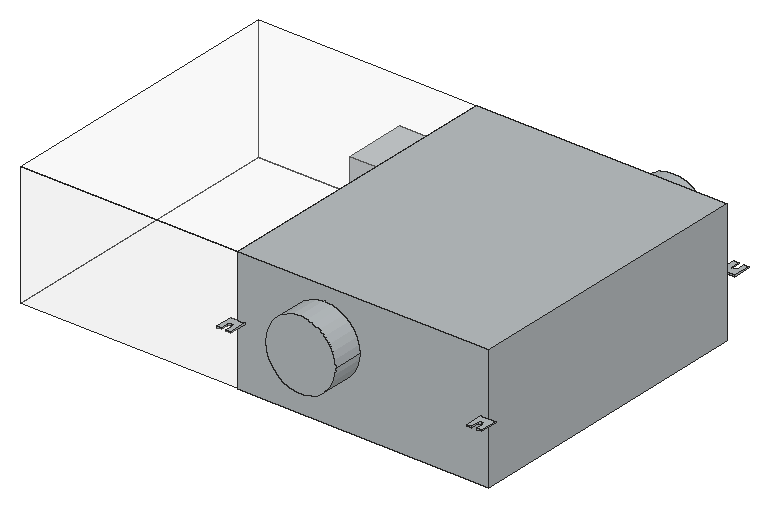
Revit family "tka-2400r2_50Hz", category 機械設備, Revit 2019
Family settings
  丸型コネクタ寸法 = 直径を使用
  パーツ タイプ = 標準
  OmniClass 番号 = 23.75.10.34.21
  OmniClass タイトル = Heat Exchangers for Ventilation Air
  作業面ベース = いいえ
  常に垂直 = はい
  ロード時にボイドで切り取り = いいえ
  共有 = いいえ
  部屋計算ポイント = はい
Parameters (values of type "TKA-2400R2")
  騒音レベル(dB(A)) = 33.5
  風量 = MAX風量  # 720.0 m³/h
  面風速 = 6.4 m/s
  電源種別 [instance] = "一般"
  電圧 = 100 V
  電動機出力 = 0 W
  集中コントローラ = ""
  運転質量 = 0.00 kg
  連動 [instance] = ""
  質量 = if(製品質量 > 運転質量, 製品質量, 運転質量) * 1.2  # 39.60 kg
  負荷分類 = 3_ファン類
  説明 = "業務用単独加湿ユニット"
  設計風量 = 0.0 m³/h
  設置方法 = "天井吊(隠ぺい)形"
  記号 [instance] = ""
  製造元 = "MITSUBISHI ELECTRIC"
  製品質量 = 33.00 kg
  製品出荷対象 = "国内"
  製品リリース年月 = "2016/2/1"
  製品グループ = ""
  給水管_D = 395 mm
  給水管_H = 206 mm
  給水管_Depth = 20 mm
  系統 [instance] = ""
  符号 = "HUM"
  積算_科目 = "1 空気調和設備"
  積算_拾い区分 [instance] = ""
  相 = 1
  盤記号 [instance] = ""
  発停方法 [instance] = "別売リモコン"
  特殊仕様 [instance] = ""
  点検口高さ = -Height  # -340 mm
  点検口離隔 = 150 mm
  点検口_Width = 点検口_Depth  # 450 mm
  点検口_Depth = 450 mm
  点検口_Center = 412 mm
  点検口 = yes
  火災停止 [instance] = ""
  温度交換効率 = 0.00%
  消費電力_加湿器 = 0 W
  消費電力 = 158 W
  法定耐用年数 = "15"
  機外静圧_排気 = 95.0 Pa
  機外静圧 = 95.0 Pa
  極数 = 2
  材質 [instance] = ""
  本体マテリアル = 溶融亜鉛めっき鋼板
  有効加湿量 = 2.4
  操作・制御方式 = ""
  操作・制御スイッチ = ""
  排気量 = 0.0 m³/h
  形式_加湿器 = ""
  形式 = "滴下浸透気化式"
  幹線記号 [instance] = ""
  対象室 [instance] = ""
  実風量 = 0.0 m³/h
  始動方式 [instance] = "直入"
  天吊金具_径 = 6.5 mm
  天吊金具_幅 = 20 mm
  外気量 = 設計風量  # 0.0 m³/h
  呼称 = "加湿器"
  周波数 = 50 Hz
  吊りボルトピッチ2 = 880 mm
  吊りボルトピッチ1 = 692 mm
  吊りボルト_高さ = 170 mm
  参照している仕様書等のバージョン = ""
  加湿給水管径 = 21.7 mm
  初期抵抗 = 0.0 Pa
  分類コード = "50059009000999"
  分類グループ = ""
  冷媒液管径 = 6.35 mm
  冷媒ガス管径 = 12.7 mm
  価格 = 244000
  企業コード = "108420"
  付属品_フィルター_還気 = ""
  付属品_フィルター = ""
  付属品 [instance] = ""
  仕様書バージョン = "Version1.0"
  モデル = "TKA-2400R2"
  メンテナンススペース = yes
  ドレン管径 = 32 mm
  ドレン管_D = 387 mm
  ドレン管_H = 20 mm
  ドレン管_Depth = 20 mm
  コメント [instance] = ""
  Keynote = ""
  エンタルピ交換効率_暖房 = 0.00%
  エンタルピ交換効率_冷房 = 0.00%
  Assembly Code = ""
  Width = 692 mm
  Version = ""
  Uniclass2015Version = "Systems v1.9"
  Uniclass2015Title = "Thermal wheels"
  Uniclass2015Code = "Pr_60_60_36_88"
  URL = "https://www.mitsubishielectric.co.jp/ldg/wink/ssl/displayProduct.do?pid=263792"
  SpecificationReference = ""
  SpecificationDescription = ""
  SAサイズ_W = 0 mm
  SAサイズ_D = 192 mm
  Revision = ""
  RAサイズ_W = 0 mm
  RAサイズ_D = 192 mm
  ProductInformation = ""
  OmniClassCode = "23-27 23 19 11"
  OAサイズ_W = 0 mm
  OAサイズ_D = 0 mm
  MIN風量 = 410.0 m³/h
  MIN静圧 = 35.0 Pa
  MID風量 = 420.0 m³/h
  MID静圧 = 99.0 Pa
  MAX風量 = 720.0 m³/h
  MAX静圧 = 95.0 Pa
  IfcTypeProduct = ""
  IfcProduct = ""
  IfcExportType = "ROTARYWHEEL"
  IfcExportAs = "IfcAirToAirHeatRecoveryType"
  Height = 340 mm
  EAサイズ_W = 0 mm
  EAサイズ_D = 0 mm
  Duct_Width_SA = 105 mm
  Duct_Width_RA = 130 mm
  Duct_Height = 134 mm
  Duct_Depth = 84 mm
  Depth = 824 mm
  Clearance Top = Height  # 340 mm
  Clearance Left = 600 mm
  Box_Depth = 172 mm
  Box_Height = 262 mm
  Box_H = 39 mm
  Box_Width = 115 mm
  Box_D = 531 mm
  Author = "MITSUBISHI ELECTRIC"
Reference planes
  plane 1 "中心(正面/背面)": y = 0
  plane 2: z = 0
  plane 3 "中心(左/右)": x = 0
  plane 4: x = -346
  plane 5: x = 346
  plane 6: y = 412
  plane 7: y = -412
  plane 8: z = -340
  plane 9: z = -134
  plane 10: x = -105
  plane 11: y = -496
  plane 12: y = 496
  plane 13: x = 130
  plane 14: y = 119
  plane 15: z = -39
  plane 16: y = 291
  plane 17: z = -301
  plane 18: x = -461
  plane 19: y = -25
  plane 20: y = -17
  plane 21: z = -320
  plane 22: z = -134
  plane 23: x = -366
  plane 24: x = -366
  plane 25: x = -946
  plane 26: z = -340
  plane 27: x = -496
  plane 28: y = 225
  plane 29: x = -346
  plane 30: x = 346
  plane 31: y = -440
  plane 32: y = 440
  plane 33: y = 0
  plane 34: y = -225
  plane 35: y = 460
  plane 36: z = -170
  plane 37: z = -173
  plane 38: y = -460
  plane 39: x = -366
  plane 40: x = -326
  plane 41: x = 366
  plane 42: x = 326
Forms (mm)
  Extrusion 1, solid, material "溶融亜鉛めっき鋼板" <- "本体マテリアル", detail levels fine
    sketch origin (0, 0, 0) x (1, 0, 0) y (0, 1, 0)
      loop
        line (-346, 412) -> (-346, -412) -> (346, -412) -> (346, 412) -> (-346, 412)
    from 0 to -340
  Extrusion 2, solid, material "溶融亜鉛めっき鋼板" <- "本体マテリアル", detail levels fine
    sketch origin (0, 0, 0) x (1, 0, 0) y (0, 0, 1)
      loop
        circle (-105, -134) r 96
    from 412 to 496
  Extrusion 3, solid, material "溶融亜鉛めっき鋼板" <- "本体マテリアル", detail levels fine
    sketch origin (0, 0, 0) x (0, 1, 0) y (0, 0, 1)
      loop
        line (119, -39) -> (119, -301) -> (291, -301) -> (291, -39) -> (119, -39)
    from -461 to -346
  Extrusion 4, solid, material "溶融亜鉛めっき鋼板" <- "本体マテリアル", detail levels fine
    sketch origin (0, 0, 0) x (0, 1, 0) y (0, 0, 1)
      loop
        circle (-25, -320) r 16
    from -366 to -346
  Extrusion 5, solid, material "溶融亜鉛めっき鋼板" <- "本体マテリアル", detail levels fine
    sketch origin (0, 0, 0) x (0, 1, 0) y (0, 0, 1)
      loop
        circle (-17, -134) r 10.85
    from -366 to -346
  Extrusion 6, solid, material "溶融亜鉛めっき鋼板" <- "本体マテリアル"
    sketch origin (0, 0, 0) x (1, 0, 0) y (0, 0, 1)
      loop
        circle (130, -134) r 96
    from -496 to -412
  Extrusion 7, solid, material "溶融亜鉛めっき鋼板" <- "本体マテリアル"
    sketch origin (0, 0, 0) x (1, 0, 0) y (0, 1, 0)
      loop
        line (-366, 412) -> (-326, 412) -> (-326, 460) -> (-339.5, 460) -> (-339.5, 440)
        arc (-339.5, 440) -> (-346, 433.5) -> (-352.5, 440) r 6.5
        line (-352.5, 440) -> (-352.5, 460) -> (-366, 460) -> (-366, 412)
    from -173 to -170
  Extrusion 8, solid, material "溶融亜鉛めっき鋼板" <- "本体マテリアル"
    sketch origin (0, 0, 0) x (-1, 0, 0) y (0, -1, 0)
      loop
        line (-366, -412) -> (-366, -460) -> (-352.5, -460) -> (-352.5, -440)
        arc (-352.5, -440) -> (-346, -433.5) -> (-339.5, -440) r 6.5
        line (-339.5, -440) -> (-339.5, -460) -> (-326, -460) -> (-326, -412) -> (-366, -412)
    from -173 to -170
  Extrusion 9, solid, material "溶融亜鉛めっき鋼板" <- "本体マテリアル"
    sketch origin (0, 0, 0) x (-1, 0, 0) y (0, -1, 0)
      loop
        line (-366, 412) -> (-326, 412) -> (-326, 460) -> (-339.5, 460) -> (-339.5, 440)
        arc (-339.5, 440) -> (-346, 433.5) -> (-352.5, 440) r 6.5
        line (-352.5, 440) -> (-352.5, 460) -> (-366, 460) -> (-366, 412)
    from -173 to -170
  Extrusion 10, solid, material "溶融亜鉛めっき鋼板" <- "本体マテリアル"
    sketch origin (0, 0, 0) x (1, 0, 0) y (0, 1, 0)
      loop
        line (-366, -412) -> (-366, -460) -> (-352.5, -460) -> (-352.5, -440)
        arc (-352.5, -440) -> (-346, -433.5) -> (-339.5, -440) r 6.5
        line (-339.5, -440) -> (-339.5, -460) -> (-326, -460) -> (-326, -412) -> (-366, -412)
    from -173 to -170
Lines and regions (mm)
  Masking region 1, detail levels coarse+medium
    outline origin (0, 0, 0) x (1, 0, 0) y (0, 1, 0)
      loop
        line (-346, 412) -> (-346, -412) -> (346, -412) -> (346, 412) -> (-346, 412)
  symbolic lines, detail levels coarse+medium
    curve 1: line (-1.977, 409.477, 0) -> (-346, 0, 0)
    curve 2: line (-346, 0, 0) -> (1.977, -409.477, 0)
    curve 3: line (1.977, -409.477, 0) -> (346, 0, 0)
    curve 4: line (346, 0, 0) -> (-1.977, 409.477, 0)
Dimensions and locks
  equal spacing: plane 4, plane 3 "中心(左/右)", plane 5
  "Width": plane 4 to plane 5
  equal spacing: plane 6, plane 1 "中心(正面/背面)", plane 7
  "Depth": plane 6 to plane 7
  "Height": level to plane 8
  "Duct_Depth": plane 7 to plane 11
  "Duct_Depth": plane 6 to plane 12
  "Box_D": plane 14 to plane 7
  "Box_Depth": plane 16 to plane 14
  "Box_Height": plane 15 to plane 17
  "Box_Width": plane 18 to plane 4
  "ドレン管_D": plane 19 to plane 7
  "給水管_D": plane 20 to plane 7
  "ドレン管_H": plane 8 to plane 21
  "給水管_H": plane 8 to plane 22
  "給水管_Depth": plane 23 to plane 4
  "ドレン管_Depth": plane 24 to plane 4
  "Clearance Left": plane 25 to plane 4
  "Clearance Top": level to plane 26
  "点検口離隔": plane 27 to plane 4
  equal spacing: plane 29, plane 3 "中心(左/右)", plane 30
  "吊りボルトピッチ1": plane 29 to plane 30
  equal spacing: plane 32, plane 1 "中心(正面/背面)", plane 31
  "吊りボルトピッチ2": plane 32 to plane 31
  "点検口_Center": plane 6 to plane 33
  equal spacing: plane 34, plane 33, plane 28
  "点検口_Depth": plane 28 to plane 34
  "吊りボルト_高さ": level to plane 36
  locked: plane 36 to plane 37 at 3
  "Duct_Width_SA": plane 3 "中心(左/右)" to plane 10
  "Duct_Width_RA": plane 3 "中心(左/右)" to plane 13
  "Duct_Height": plane 9 to level
  "天吊金具_幅": plane 35 to plane 32
  "天吊金具_幅": plane 31 to plane 38
  equal spacing: plane 39, plane 29, plane 40
  plane 39 to plane 40 = 40 mm
  equal spacing: plane 42, plane 30, plane 41
  plane 42 to plane 41 = 40 mm
  "天吊金具_径": Extrusion 7 sketch curve to plane 29
  "天吊金具_径": plane 30 to Extrusion 8 sketch curve
  "天吊金具_径": plane 30 to Extrusion 9 sketch curve
  "天吊金具_径": Extrusion 10 sketch curve to plane 29
  "Box_H": level to plane 15
  "SAサイズ_D": diameter of Extrusion 2 sketch curve
  "ドレン管径": diameter of Extrusion 4 sketch curve
  "加湿給水管径": diameter of Extrusion 5 sketch curve
  "RAサイズ_D": diameter of Extrusion 6 sketch curve
  "天吊金具_径": radius of Extrusion 7 sketch curve
  "天吊金具_径": radius of Extrusion 8 sketch curve
  "天吊金具_径": radius of Extrusion 9 sketch curve
  "天吊金具_径": radius of Extrusion 10 sketch curve
  aligned and locked: level to plane 2
  aligned and locked: Masking region 1 to plane 7
  aligned and locked: Masking region 1 to plane 4
  aligned and locked: plane 6 to Masking region 1
  aligned and locked: plane 5 to Masking region 1
  aligned and locked: Extrusion 1 to plane 8
  aligned and locked: plane 7 to Extrusion 2
  aligned and locked: Extrusion 3 to plane 18
  aligned and locked: Extrusion 3 to plane 17
  aligned and locked: plane 14 to Extrusion 3
  aligned and locked: Extrusion 3 to plane 16
  aligned and locked: plane 15 to Extrusion 3
  aligned and locked: plane 4 to Extrusion 5
  aligned and locked: Extrusion 5 to plane 23
  aligned and locked: Extrusion 4 to plane 24
  aligned and locked: plane 4 to Extrusion 4
  aligned and locked: plane 30 to nested 1
  aligned and locked: plane 32 to nested 1
  aligned and locked: nested 1 to plane 31
  aligned and locked: plane 29 to nested 1
  aligned and locked: plane 27 to nested 2
  aligned and locked: nested 2 to plane 28
  aligned and locked: plane 34 to nested 2
  aligned and locked: Extrusion 3 to Masking region 1
  aligned and locked: Extrusion 2 to plane 11
  aligned and locked: plane 4 to nested 3
  aligned and locked: plane 25 to nested 3
  aligned and locked: nested 3 to plane 7
  aligned and locked: nested 3 to plane 6
  aligned and locked: Extrusion 6 to plane 12
  aligned and locked: Extrusion 6 to Masking region 1
  aligned and locked: plane 8 to nested 3
  aligned and locked: plane 2 to nested 3
  aligned and locked: Extrusion 7 sketch curve to plane 6
  aligned and locked: Extrusion 7 sketch curve to plane 39
  aligned and locked: plane 40 to Extrusion 7 sketch curve
  aligned and locked: plane 35 to Extrusion 7 sketch curve  (x2)
  aligned and locked: Extrusion 7 to plane 37
  aligned and locked: plane 36 to Extrusion 7
  aligned and locked: plane 41 to Extrusion 8 sketch curve
  aligned and locked: plane 6 to Extrusion 8 sketch curve
  aligned and locked: Extrusion 8 sketch curve to plane 42
  aligned and locked: Extrusion 8 sketch curve to plane 35  (x2)
  aligned and locked: Extrusion 9 sketch curve to plane 41
  aligned and locked: plane 42 to Extrusion 9 sketch curve
  aligned and locked: plane 7 to Extrusion 9 sketch curve
  aligned and locked: plane 38 to Extrusion 9 sketch curve  (x2)
  aligned and locked: Extrusion 10 sketch curve to plane 7
  aligned and locked: Extrusion 10 sketch curve to plane 40
  aligned and locked: plane 23 to Extrusion 10 sketch curve
  aligned and locked: Extrusion 10 sketch curve to plane 38  (x2)
  aligned and locked: Extrusion 10 to plane 37
  aligned and locked: plane 36 to Extrusion 10
  aligned and locked: Extrusion 9 to plane 37
  aligned and locked: plane 36 to Extrusion 9
  aligned and locked: plane 36 to Extrusion 8
  aligned and locked: Extrusion 8 to plane 37
Automatic sketch dimensions
  plane 1 "中心(正面/背面)" to curve 1 = 0 mm
  curve 1 to plane 4 = 0 mm
  plane 1 "中心(正面/背面)" to curve 4 = 0 mm
  curve 4 to plane 5 = 0 mm
  curve 4 to plane 3 "中心(左/右)" = 1.977 mm
  plane 3 "中心(左/右)" to curve 3 = 1.977 mm
  plane 7 to curve 3 = 2.523 mm
  curve 4 to plane 6 = 2.523 mm
  Masking region 1 sketch curve to plane 4 = 0 mm
  Masking region 1 sketch curve to plane 5 = 0 mm
  Masking region 1 sketch curve to plane 7 = 0 mm
  Masking region 1 sketch curve to plane 6 = 0 mm
  Extrusion 1 sketch curve to plane 4 = 0 mm
  Extrusion 1 sketch curve to plane 5 = 0 mm
  Extrusion 1 sketch curve to plane 7 = 0 mm
  Extrusion 1 sketch curve to plane 6 = 0 mm
  Extrusion 2 sketch curve to plane 9 = 0 mm
  Extrusion 2 sketch curve to plane 10 = 0 mm
  Extrusion 3 sketch curve to plane 14 = 0 mm
  Extrusion 3 sketch curve to plane 16 = 0 mm
  Extrusion 3 sketch curve to plane 17 = 0 mm
  Extrusion 3 sketch curve to plane 15 = 0 mm
  Extrusion 4 sketch curve to plane 19 = 0 mm
  plane 21 to Extrusion 4 sketch curve = 0 mm
  Extrusion 5 sketch curve to plane 9 = 0 mm
  Extrusion 5 sketch curve to plane 20 = 0 mm
  Extrusion 6 sketch curve to plane 9 = 0 mm
  plane 13 to Extrusion 6 sketch curve = 0 mm
  Extrusion 7 sketch curve to plane 32 = 0 mm
  Extrusion 8 sketch curve to plane 32 = 0 mm
  Extrusion 9 sketch curve to plane 31 = 0 mm
  Extrusion 10 sketch curve to plane 31 = 0 mm
Nested families
  nested 1: "固定点" at (-346, -440, 0), type "固定点"
    with W 692 mm, D 880 mm
  nested 2: "点検口設置範囲" at (-721, 0, -340), Width <- "点検口_Width", built-in parameter 1001364 <- "点検口高さ", visible <- "点検口", type "点検口設置範囲"
    with Width 450 mm, Depth 450 mm
  nested 3: "メンテナンススペース" at (-646, 0, -170), visible <- "メンテナンススペース", type "メンテナンススペース"
    with Width 600 mm, Height 340 mm, Depth 824 mm
Connectors
  electrical at (-403.5, 119, -170), driven by "極数", driven by "負荷分類", driven by "電圧", driven by "消費電力"
    settings: on Extrusion 3, index 1, voltage 100 V, apparent load 158 VA, apparent load phase1 0 VA, apparent load phase2 0 VA, apparent load phase3 0 VA, power factor 1, load classification "3_ファン類", number of poles 2, system type 30, power factor state 1, is connector primary yes, connector utility no, sub classification motor no, connector description ""
  piping at (-366, -17, -134), diameter 21.7, driven by "加湿給水管径"
    settings: on Extrusion 5, index 3, connector inside diameter 609.6 mm, connector length 0 mm, flow factor 0, pipe flow 0.0 L/s, pressure drop 0.0 Pa, fitting loss kfactor 0, connector angle 0.00°, fixture units 0, engagement length 0 mm, angle of deflection 0.00°, flow configuration 0, flow direction 1, fitting loss method 0, system type 19, joint type 0, gender type 0, connector reference index -1, connector utility 0, adjustable connector no, is connector primary yes, connector description ""
  piping at (-366, -25, -320), diameter 32, driven by "ドレン管径"
    settings: on Extrusion 4, index 5, connector inside diameter 609.6 mm, connector length 0 mm, flow factor 0, pipe flow 0.0 L/s, pressure drop 0.0 Pa, fitting loss kfactor 0, connector angle 0.00°, fixture units 0, engagement length 0 mm, angle of deflection 0.00°, flow configuration 0, flow direction 2, fitting loss method 0, system type 16, joint type 0, gender type 0, connector reference index -1, connector utility 0, adjustable connector no, is connector primary no, connector description ""
  hvac at (-105, -496, -134), driven by "SAサイズ_D", driven by "MAX静圧", driven by "風量"
    settings: on Extrusion 2, index 6, duct flow 720.0 m³/h, flow factor 0, pres drop 95.0 Pa, loss coef 0, conn angle 0.00°, conn width 304.8 mm, conn height 304.8 mm, conn diameter 192 mm, duct sys type 1, conn prof type 0, flow config 1, flow direction 2, loss method 4, conn ref index -1, conn util no, is conn primary yes, conn desc ""
  hvac at (130, 496, -134), driven by "RAサイズ_D", driven by "機外静圧", driven by "風量"
    settings: on Extrusion 6, index 7, duct flow 720.0 m³/h, flow factor 0, pres drop 95.0 Pa, loss coef 0, conn angle 0.00°, conn width 304.8 mm, conn height 304.8 mm, conn diameter 192 mm, duct sys type 2, conn prof type 0, flow config 0, flow direction 1, loss method 4, conn ref index -1, conn util no, is conn primary no, conn desc ""
Definition of nested family "メンテナンススペース"
  Parameters (values of type "メンテナンススペース")
    Width [instance] = 500 mm
    Height [instance] = 500 mm
    Depth [instance] = 500 mm
  Reference planes
    plane 1 "中心(正面/背面)": y = 0
    plane 2: z = 0
    plane 3 "中心(左/右)": x = 0
    plane 4: y = -250
    plane 5: x = 250
    plane 6: y = 250
    plane 7: x = -250
    plane 8: z = 250
    plane 9: z = -250
  Forms (mm)
    Extrusion 1, solid
      sketch origin (-638.939, 0, 72.39) x (1, 0, 0) y (0, 1, 0)
        loop
          line (388.939, 250) -> (388.939, -250) -> (888.939, -250) -> (888.939, 250) -> (388.939, 250)
      from -322.39 to 177.61
  Lines and regions (mm)
    symbolic lines
      curve 1: line (-250, 0, 250) -> (250, 0, 250)
      curve 2: line (-250, 0, -250) -> (-250, 0, 250)
      curve 3: line (250, 0, -250) -> (-250, 0, -250)
      curve 4: line (250, 0, 250) -> (250, 0, -250)
      curve 5: line (0, -250, 250) -> (0, 250, 250)
      curve 6: line (0, -250, -250) -> (0, -250, 250)
      curve 7: line (0, 250, -250) -> (0, -250, -250)
      curve 8: line (0, 250, 250) -> (0, 250, -250)
      curve 9: line (-250, 250, 0) -> (250, 250, 0)
      curve 10: line (-250, -250, 0) -> (-250, 250, 0)
      curve 11: line (250, -250, 0) -> (-250, -250, 0)
      curve 12: line (250, 250, 0) -> (250, -250, 0)
  Dimensions and locks
    equal spacing: plane 7, plane 3 "中心(左/右)", plane 5
    equal spacing: plane 4, plane 1 "中心(正面/背面)", plane 6
    "Depth": plane 4 to plane 6
    "Width": plane 7 to plane 5
    equal spacing: plane 8, plane 2, plane 9
    "Height": plane 8 to plane 9
    aligned and locked: plane 9 to curve 3
    aligned and locked: plane 7 to curve 2
    aligned and locked: curve 4 to plane 5
    aligned and locked: plane 5 to Extrusion 1
    aligned and locked: Extrusion 1 to plane 7
    aligned and locked: Extrusion 1 to plane 9
    aligned and locked: plane 8 to Extrusion 1
    aligned and locked: plane 9 to curve 7
  Automatic sketch dimensions
    plane 4 to Extrusion 1 sketch curve = 0 mm
    Extrusion 1 sketch curve to plane 7 = 0 mm
    Extrusion 1 sketch curve to plane 5 = 0 mm
    plane 6 to Extrusion 1 sketch curve = 0 mm
    curve 2 to plane 8 = 0 mm
    plane 4 to curve 11 = 0 mm
    curve 11 to plane 7 = 0 mm
    curve 11 to plane 5 = 0 mm
    plane 6 to curve 10 = 0 mm
    curve 7 to plane 4 = 0 mm
    curve 7 to plane 6 = 0 mm
    curve 6 to plane 8 = 0 mm
Definition of nested family "固定点"
  Parameters (values of type "固定点")
    中心円 = 20 mm
    W [instance] = 1000 mm
    D [instance] = 1000 mm
  Reference planes
    plane 1 "中心(正面/背面)": y = 0
    plane 2: z = 0
    plane 3 "中心(左/右)": x = 0
    plane 4: x = 1000
    plane 5: y = 1000
  Lines and regions (mm)
    symbolic lines, detail levels fine
      curve 1: circle (0, 1000, 0) r 10 normal (0, 0, 1)
      curve 2: circle (0, 0, 0) r 10 normal (0, 0, 1)
      curve 3: circle (1000, 1000, 0) r 10 normal (0, 0, 1)
      curve 4: circle (1000, 0, 0) r 10 normal (0, 0, 1)
      curve 5: line (-200, 1000, 0) -> (1200, 1000, 0)
      curve 6: line (-200, 0, 0) -> (1200, 0, 0)
      curve 7: line (0, 1200, 0) -> (0, -200, 0)
      curve 8: line (1000, 1200, 0) -> (1000, -200, 0)
  Dimensions and locks
    "W": plane 3 "中心(左/右)" to plane 4
    "D": plane 1 "中心(正面/背面)" to plane 5
    "中心円": diameter of curve 1
    "中心円": diameter of curve 2
    "中心円": diameter of curve 3
    "中心円": diameter of curve 4
    aligned and locked: level to plane 2
    aligned and locked: plane 5 to curve 1
    aligned and locked: plane 3 "中心(左/右)" to curve 1
    aligned and locked: plane 3 "中心(左/右)" to curve 2
    aligned and locked: plane 1 "中心(正面/背面)" to curve 2
    aligned and locked: plane 4 to curve 3
    aligned and locked: plane 5 to curve 3
    aligned and locked: plane 1 "中心(正面/背面)" to curve 4
    aligned and locked: plane 4 to curve 4
    aligned and locked: plane 1 "中心(正面/背面)" to curve 6
    aligned and locked: curve 7 to plane 3 "中心(左/右)"
    aligned and locked: curve 8 to plane 4
  Automatic sketch dimensions
    curve 5 to plane 5 = 0 mm
    curve 6 to plane 3 "中心(左/右)" = 200 mm
    curve 5 to plane 3 "中心(左/右)" = 200 mm
    curve 4 to curve 6 = 200 mm
    curve 3 to curve 5 = 200 mm
    plane 1 "中心(正面/背面)" to curve 8 = 200 mm
    plane 1 "中心(正面/背面)" to curve 7 = 200 mm
    curve 3 to curve 8 = 200 mm
    curve 1 to curve 7 = 200 mm
Definition of nested family "点検口設置範囲"
  Parameters (values of type "点検口設置範囲")
    Width [instance] = 1000 mm
    Depth [instance] = 700 mm
  Reference planes
    plane 1 "中心(正面/背面)": y = 0
    plane 2: z = 0
    plane 3 "中心(左/右)": x = 0
    plane 4: x = -500
    plane 5: x = 500
    plane 6: y = -350
    plane 7: y = 350
  Lines and regions (mm)
    model lines
      curve 1: line (-500, 350, 0) -> (500, 350, 0)
      curve 2: line (-500, -350, 0) -> (-500, 350, 0)
      curve 3: line (500, -350, 0) -> (-500, -350, 0)
      curve 4: line (500, 350, 0) -> (500, -350, 0)
  Dimensions and locks
    "Depth": plane 7 to plane 6
    "Width": plane 4 to plane 5
    equal spacing: plane 7, plane 1 "中心(正面/背面)", plane 6
    equal spacing: plane 4, plane 3 "中心(左/右)", plane 5
    aligned and locked: level to plane 2
    aligned and locked: plane 4 to curve 2
    aligned and locked: curve 1 to plane 7
    aligned and locked: curve 4 to plane 5
    aligned and locked: plane 6 to curve 3
